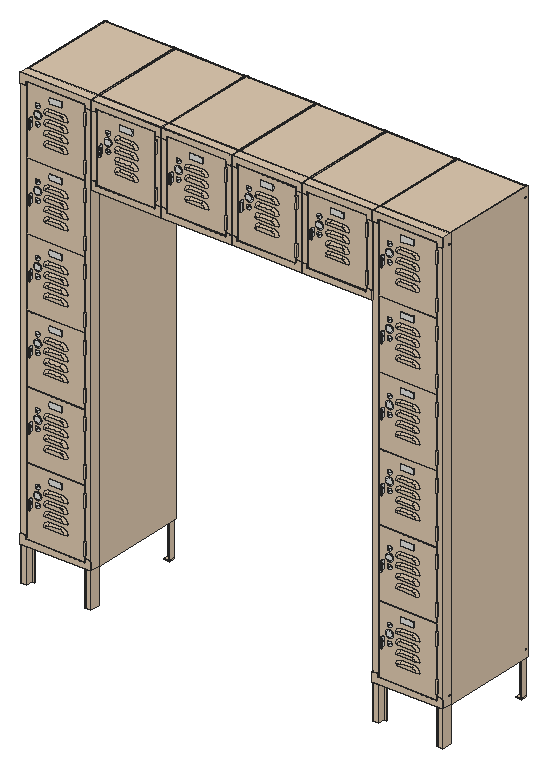
Revit family "Metal_Lockers-Salsbury_Industries-66000_Series-Bridge_Unit", category Specialty Equipment, Revit 2016 (continued)
Definition of nested family "Metal Locker Zee Base-Right Side"
  Parameters (values of type "77578 Right - 18" D")
    Width = 4.000"
    Height = 4.000"
    Assembly Code = ""
  Types (4): name | Visible | Depth | Type Comments | Model | Description
    77572 Right - 12" D | yes | 10.362" | "Zee Base Kit for Standard Metal Lockers - No Legs" | "77572" | "4\" H x 6' L - for 12\" Deep Lockers (Includes 6 Foot Front Base, 2 End Bases, Corner Splicer and 4 Rear Legs)"
    77575 Right - 15" D | yes | 13.362" | "Zee Base Kit for Standard Metal Lockers - No Legs" | "77575" | "4\" H x 6' L - for 12\" Deep Lockers (Includes 6 Foot Front Base, 2 End Bases, Corner Splicer and 4 Rear Legs)"
    77578 Right - 18" D | yes | 16.362" | "Zee Base Kit for Standard Metal Lockers - No Legs" | "77578" | "4\" H x 6' L - for 12\" Deep Lockers (Includes 6 Foot Front Base, 2 End Bases, Corner Splicer and 4 Rear Legs)"
    None | no | 10.362" | "End Base for Standard Metal Lockers" | "" | ""
  Reference planes (in)
    plane 1 "Center (Front/Back)": y = 0
    plane 2: z = 0
    plane 3 "Center (Left/Right)": x = 3.99
    plane 4 "Floor": z = 0
    plane 5 "Top of Enclosure": z = 4
    plane 6 "Left Edge of Insert": x = 4.77
    plane 7 "Right Side of Unit": x = 5.99
    plane 8 "Left Edge of Enclosure": y = -8.181
    plane 9 "Right Edge of Enclosure": y = 8.181
    plane 10 "Bottom Edge of Enclosure": z = 0.06
    plane 11 "Left Edge of Base": x = 1.99
  Forms (in)
    Extrusion 1, solid, material <- "Primary Structure Material", visible <- "Visible"
      sketch origin (5.99, 0, 0) x (0, 0, -1) y (0, -1, 0)
        loop
          line (-4, 6.93967) -> (-4, -6.931) -> (-3.94, -6.931) -> (-3.94, 6.93967) -> (-4, 6.93967)
      from 0.06 to 1.22
    Extrusion 2, solid, material <- "Primary Structure Material", visible <- "Visible"
      sketch origin (0, 0, 0) x (0, -1, 0) y (1, 0, 0)
        loop
          line (-8.181, 1.99) -> (-8.121, 1.99) -> (-8.121, 5.93) -> (8.121, 5.93) -> (8.121, 1.99) -> (8.181, 1.99) -> (8.181, 5.99) -> (-8.181, 5.99) -> (-8.181, 1.99)
      from 0.06 to 4
  Dimensions and locks (in)
    "Height": plane 5 "Top of Enclosure" to plane 4 "Floor"
    equal spacing: plane 8 "Left Edge of Enclosure", plane 1 "Center (Front/Back)", plane 9 "Right Edge of Enclosure"
    "Depth": plane 8 "Left Edge of Enclosure" to plane 9 "Right Edge of Enclosure"
    "Width": plane 11 "Left Edge of Base" to plane 7 "Right Side of Unit"
    equal spacing: plane 11 "Left Edge of Base", plane 3 "Center (Left/Right)", plane 7 "Right Side of Unit"
    locked: plane 4 "Floor" to plane 10 "Bottom Edge of Enclosure" at 0.06
    aligned and locked: level to plane 2
    aligned and locked: plane 6 "Left Edge of Insert" to Extrusion 1
    aligned and locked: Extrusion 2 to plane 9 "Right Edge of Enclosure"
    aligned and locked: Extrusion 2 to plane 10 "Bottom Edge of Enclosure"
    aligned and locked: plane 11 "Left Edge of Base" to Extrusion 2
  Automatic sketch dimensions
    plane 5 "Top of Enclosure" to Extrusion 1 sketch curve = 0.000"
    Extrusion 1 sketch curve to Extrusion 1 sketch curve = 0.060"
    plane 9 "Right Edge of Enclosure" to Extrusion 1 sketch curve = 1.250"
    Extrusion 1 sketch curve to plane 8 "Left Edge of Enclosure" = 1.24133"
    Extrusion 2 sketch curve to plane 7 "Right Side of Unit" = 0.000"
    plane 9 "Right Edge of Enclosure" to Extrusion 2 sketch curve = 0.000"
    plane 6 "Left Edge of Insert" to Extrusion 2 sketch curve = 2.780"  (x2)
    Extrusion 2 sketch curve to Extrusion 2 sketch curve = 0.060"
    plane 7 "Right Side of Unit" to Extrusion 2 sketch curve = 0.060"
    Extrusion 2 sketch curve to plane 8 "Left Edge of Enclosure" = 0.060"
    Extrusion 2 sketch curve to plane 8 "Left Edge of Enclosure" = 0.000"
Definition of nested family "Metal Locker Zee Base-Left Side"
  Parameters (values of type "77572 Left - 12" D")
    Width including Rivet [instance] = 1.290"
    Visible = yes
    Primary Structure Material = none
    Depth = 10.362"
    Version = "1.0 (11/30/15)"
    Type Comments = "Zee Base Kit for Standard Metal Lockers - No Legs"
    Model = "77572"
    MasterFormat Title = ""
    MasterFormat Number = ""
    Manufacturer = "Salsbury Industries"
    Description = "4\" H x 6' L - for 12\" Deep Lockers (Includes 6 Foot Front Base, 2 End Bases, Corner Splicer and 4 Rear Legs)"
    Width = 4.000"
    Height = 4.000"
    Assembly Code = ""
  Types (4): name | Visible | Depth | Type Comments | Model | Description
    77572 Left - 12" D | yes | 10.362" | "Zee Base Kit for Standard Metal Lockers - No Legs" | "77572" | "4\" H x 6' L - for 12\" Deep Lockers (Includes 6 Foot Front Base, 2 End Bases, Corner Splicer and 4 Rear Legs)"
    77575 Left - 15" D | yes | 13.362" | "Zee Base Kit for Standard Metal Lockers - No Legs" | "77575" | "4\" H x 6' L - for 12\" Deep Lockers (Includes 6 Foot Front Base, 2 End Bases, Corner Splicer and 4 Rear Legs)"
    77578 Left- 18" D | yes | 16.362" | "Zee Base Kit for Standard Metal Lockers - No Legs" | "77578" | "4\" H x 6' L - for 12\" Deep Lockers (Includes 6 Foot Front Base, 2 End Bases, Corner Splicer and 4 Rear Legs)"
    None | no | 10.362" | "End Base for Standard Metal Lockers" | "" | ""
  Reference planes (in)
    plane 1 "Center (Front/Back)": y = 0
    plane 2: z = 0
    plane 3 "Center (Left/Right)": x = 3.99
    plane 4 "Floor": z = 0
    plane 5 "Top of Enclosure": z = 4
    plane 6 "Right Side of Unit": x = 5.99
    plane 7 "Left Edge of Enclosure": y = -5.181
    plane 8 "Right Edge of Enclosure": y = 5.181
    plane 9 "Bottom Edge of Enclosure": z = 0.06
    plane 10 "Left Edge of Base": x = 1.99
    plane 11 "Right Edge of Inser": x = 3.21
  Forms (in)
    Extrusion 1, solid, material <- "Primary Structure Material", visible <- "Visible"
      sketch origin (7.98, 0, 0) x (0, -1, 0) y (1, 0, 0)
        loop
          line (-5.181, -1.99) -> (-5.181, -5.99) -> (5.181, -5.99) -> (5.181, -1.99) -> (5.121, -1.99) -> (5.121, -5.93) -> (-5.121, -5.93) -> (-5.121, -1.99) -> (-5.181, -1.99)
      from 0.06 to 4
    Extrusion 2, solid, material <- "Primary Structure Material", visible <- "Visible"
      sketch origin (1.99, 0, 0) x (0, 0, -1) y (0, 1, 0)
        loop
          line (-4, -3.93967) -> (-3.94, -3.93967) -> (-3.94, 3.931) -> (-4, 3.931) -> (-4, -3.93967)
      from 0.06 to 1.22
  Dimensions and locks (in)
    "Height": plane 5 "Top of Enclosure" to plane 4 "Floor"
    equal spacing: plane 7 "Left Edge of Enclosure", plane 1 "Center (Front/Back)", plane 8 "Right Edge of Enclosure"
    "Depth": plane 7 "Left Edge of Enclosure" to plane 8 "Right Edge of Enclosure"
    "Width": plane 10 "Left Edge of Base" to plane 6 "Right Side of Unit"
    equal spacing: plane 10 "Left Edge of Base", plane 3 "Center (Left/Right)", plane 6 "Right Side of Unit"
    locked: plane 4 "Floor" to plane 9 "Bottom Edge of Enclosure" at 0.06
    aligned and locked: level to plane 2
    aligned and locked: plane 10 "Left Edge of Base" to Extrusion 1
  Automatic sketch dimensions
    plane 8 "Right Edge of Enclosure" to Extrusion 1 sketch curve = 0.000"
    Extrusion 1 sketch curve to plane 6 "Right Side of Unit" = 0.000"  (x2)
    plane 7 "Left Edge of Enclosure" to Extrusion 1 sketch curve = 0.000"
    Extrusion 1 sketch curve to plane 10 "Left Edge of Base" = 0.000"
    Extrusion 1 sketch curve to Extrusion 1 sketch curve = 0.060"
    plane 7 "Left Edge of Enclosure" to Extrusion 1 sketch curve = 0.060"
    plane 10 "Left Edge of Base" to Extrusion 1 sketch curve = 0.060"
    plane 5 "Top of Enclosure" to Extrusion 2 sketch curve = 0.000"
    Extrusion 2 sketch curve to Extrusion 2 sketch curve = 0.060"
    Extrusion 2 sketch curve to plane 7 "Left Edge of Enclosure" = 1.24133"
    plane 8 "Right Edge of Enclosure" to Extrusion 2 sketch curve = 1.250"
Definition of nested family "Metal Locker Zee Base Corner"
  Parameters (values of type "77572, 77575, 77578")
    Width = 2.000"
    Visible = yes
    Version = "1.0 (11/30/15)"
    Type Comments = "Zee Base Kit for Standard Metal Lockers - No Legs"
    Primary Structure Material = none
    Model = "n/a"
    Manufacturer = "Salsbury Industries"
    Height = 3.940"
    Description = "4\" H x 6' L - for 12\" Deep Lockers (Includes 6 Foot Front Base, 2 End Bases, Corner Splicer and 4 Rear Legs)"
    Depth = 2.000"
  Types (2): name | Visible
    77572, 77575, 77578 | yes
    None | no
  Reference planes (in)
    plane 1 "Center (Front/Back)": y = 0
    plane 2 "Bottom of Component": z = 0
    plane 3 "Center (Left/Right)": x = 0
    plane 4: z = 3.94
    plane 5: x = -1
    plane 6: x = 1
    plane 7 "Front": y = -1
    plane 8 "Back": y = 1
  Forms (in)
    Extrusion 1, solid, material <- "Primary Structure Material", visible <- "Visible"
      sketch origin (0, 0, 0) x (1, 0, 0) y (0, 1, 0)
        loop
          line (-1, 1) -> (-1, 0.94) -> (0.94, 0.94) -> (0.94, -1) -> (1, -1) -> (1, 1) -> (-1, 1)
      from 0 to 3.94
  Dimensions and locks (in)
    "Height": plane 4 to plane 2 "Bottom of Component"
    equal spacing: plane 5, plane 3 "Center (Left/Right)", plane 6
    "Width": plane 5 to plane 6
    equal spacing: plane 7 "Front", plane 1 "Center (Front/Back)", plane 8 "Back"
    "Depth": plane 7 "Front" to plane 8 "Back"
    aligned and locked: plane 2 "Bottom of Component" to level
  Automatic sketch dimensions
    Extrusion 1 sketch curve to plane 5 = 0.000"
    plane 7 "Front" to Extrusion 1 sketch curve = 0.000"
    Extrusion 1 sketch curve to plane 6 = 0.000"
    plane 8 "Back" to Extrusion 1 sketch curve = 0.000"
    plane 6 to Extrusion 1 sketch curve = 0.060"
    Extrusion 1 sketch curve to Extrusion 1 sketch curve = 0.060"
Types (3): name | Zee Base | Unit Height including Base Only | Overall Unit Height (including Base and Sloping Hood) | Model | Description | Base Height | Standard Leg Base
  66016- with Standard 6" High Legs | Metal Locker Zee Base : None | 78.000" | 88.739" | "66016" | "6 Feet High - 18 Inches Deep" | 6.000" | Metal Locker Legs : 6" High - 12"W x 18"D - Bridge
  66016 - with 77550 Lockers without Legs | Metal Locker Zee Base : None | 72.000" | 82.739" | "66016 with 77550" | "6 Feet High - 18 Inches Deep" | 0.000" | Metal Locker Legs : No Legs
  66016-with 77578 Zee Base and 77550 Lockers without Legs | Metal Locker Zee Base : 77578 - 12"W x 18" D (Bridge) | 76.000" | 86.739" | "66016 with 77578 and 77550" | "6 Feet High - 18 Inches Deep with Zee Base and Lockers without Legs" | 4.000" | Metal Locker Legs : No Legs
